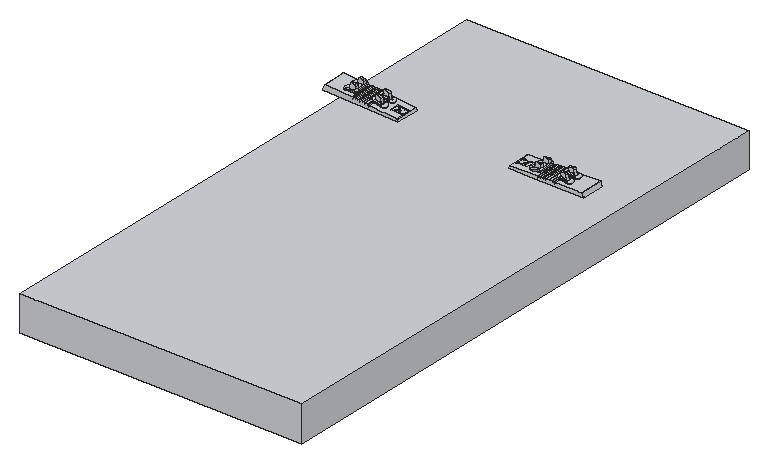
Revit family "LVT-M", category Обобщенные модели, Revit 2021
Family settings
  Основа = Грань
  Может служить основой для арматурных стержней = Нет
  Размер круглого соединителя = Использовать диаметр
  Тип детали = Нормальный
  При загрузке вырезать с полостями = Нет
  Общий = Нет
  Точка принадлежности помещению = Нет
Parameters (values of type "Полушпала LVT-M")
  Default Elevation = 1219.2 mm
Reference planes
  plane 1 "По центру (Вперед/Назад)": y = 0
  plane 2: z = 0
  plane 3 "По центру (Влево/Вправо)": x = 0
Forms (mm)
  Extrusion 1, solid
    sketch origin (0, 0, 0) x (1, 0, 0) y (0, 1, 0)
      loop
        line (-1219.2, 1219.2) -> (-1219.2, -3618.518) -> (1219.2, -3618.518) -> (1219.2, 1219.2) -> (-1219.2, 1219.2)
    from 0 to -304.8
  Sweep 2, solid
    path origin (1095.368, 0, 4.528) x (0, -1, 0) y (0.999666, 0, -0.025854)
      loop
        line (0, 0) -> (201, 0)
    profile origin (1095.368, -100.5, 4.528) x (0.999666, 0, -0.025854) y (0.025854, 0, 0.999666)
      loop
        line (-815.406, -25.294) -> (-165.406, -25.294) -> (-178.027, 21.808)
        arc (-178.027, 21.808) -> (-179.912, 24.554) -> (-183.102, 25.508) r 5
        line (-183.102, 25.508) -> (-412.493, 14.238) -> (-418.493, 5.933) -> (-419.493, 5.903) -> (-420.194, 19.928) -> (-427.964, 19.54)
        arc (-427.964, 19.54) -> (-428.538, 19.322) -> (-428.877, 18.809) r 1
        line (-428.877, 18.809) -> (-429.533, 16.457) -> (-432.529, 16.308) -> (-433.416, 18.582)
        arc (-433.416, 18.582) -> (-433.804, 19.059) -> (-434.397, 19.218) r 1
        line (-434.397, 19.218) -> (-443.884, 18.744)
        arc (-443.884, 18.744) -> (-444.488, 18.501) -> (-444.815, 17.939) r 1
        line (-444.815, 17.939) -> (-446.262, 10.615) -> (-455.25, 10.165) -> (-457.42, 17.308)
        arc (-457.42, 17.308) -> (-457.802, 17.836) -> (-458.427, 18.016) r 1
        line (-458.427, 18.016) -> (-468.634, 17.506)
        arc (-468.634, 17.506) -> (-469.325, 17.178) -> (-469.582, 16.457) r 1
        line (-469.582, 16.457) -> (-469.483, 14.46) -> (-472.479, 14.31) -> (-472.579, 16.308)
        arc (-472.579, 16.308) -> (-472.907, 16.999) -> (-473.627, 17.256) r 1
        line (-473.627, 17.256) -> (-483.834, 16.746)
        arc (-483.834, 16.746) -> (-484.438, 16.504) -> (-484.765, 15.941) r 1
        line (-484.765, 15.941) -> (-486.212, 8.617) -> (-495.2, 8.168) -> (-497.371, 15.311)
        arc (-497.371, 15.311) -> (-497.752, 15.838) -> (-498.377, 16.019) r 1
        line (-498.377, 16.019) -> (-508.584, 15.509)
        arc (-508.584, 15.509) -> (-509.275, 15.181) -> (-509.533, 14.46) r 1
        line (-509.533, 14.46) -> (-509.433, 12.462) -> (-512.429, 12.313) -> (-512.529, 14.31)
        arc (-512.529, 14.31) -> (-512.857, 15.002) -> (-513.578, 15.259) r 1
        line (-513.578, 15.259) -> (-523.784, 14.749)
        arc (-523.784, 14.749) -> (-524.388, 14.506) -> (-524.715, 13.944) r 1
        line (-524.715, 13.944) -> (-526.162, 6.62) -> (-535.151, 6.17) -> (-537.321, 13.313)
        arc (-537.321, 13.313) -> (-537.702, 13.841) -> (-538.327, 14.021) r 1
        line (-538.327, 14.021) -> (-547.814, 13.547)
        arc (-547.814, 13.547) -> (-548.389, 13.329) -> (-548.727, 12.817) r 1
        line (-548.727, 12.817) -> (-549.383, 10.465) -> (-552.379, 10.315) -> (-553.266, 12.59)
        arc (-553.266, 12.59) -> (-553.654, 13.066) -> (-554.247, 13.225) r 1
        line (-554.247, 13.225) -> (-562.017, 12.837) -> (-561.321, -1.084) -> (-562.32, -1.133) -> (-568.32, 6.582) -> (-806.407, -5.116)
        arc (-806.407, -5.116) -> (-809.302, -6.219) -> (-810.991, -8.815) r 5
        line (-810.991, -8.815) -> (-815.406, -25.294)
  Sweep 3, solid
    path origin (-1493.67, 0, 71.488) x (0, -1, 0) y (0.999666, 0, -0.025854)
      loop
        line (0, 0) -> (201, 0)
    profile origin (-1493.67, -100.5, 71.488) x (0.999666, 0, -0.025854) y (0.025854, 0, 0.999666)
      loop
        line (815.406, -25.294) -> (810.991, -8.815)
        arc (810.991, -8.815) -> (809.302, -6.219) -> (806.407, -5.116) r 5
        line (806.407, -5.116) -> (568.32, 6.582) -> (562.32, -1.133) -> (561.321, -1.084) -> (562.017, 12.837) -> (554.247, 13.225)
        arc (554.247, 13.225) -> (553.654, 13.066) -> (553.266, 12.59) r 1
        line (553.266, 12.59) -> (552.379, 10.315) -> (549.383, 10.465) -> (548.727, 12.817)
        arc (548.727, 12.817) -> (548.389, 13.329) -> (547.814, 13.547) r 1
        line (547.814, 13.547) -> (538.327, 14.021)
        arc (538.327, 14.021) -> (537.702, 13.841) -> (537.321, 13.313) r 1
        line (537.321, 13.313) -> (535.151, 6.17) -> (526.162, 6.62) -> (524.715, 13.944)
        arc (524.715, 13.944) -> (524.388, 14.506) -> (523.784, 14.749) r 1
        line (523.784, 14.749) -> (513.578, 15.259)
        arc (513.578, 15.259) -> (512.857, 15.002) -> (512.529, 14.31) r 1
        line (512.529, 14.31) -> (512.429, 12.313) -> (509.433, 12.462) -> (509.533, 14.46)
        arc (509.533, 14.46) -> (509.275, 15.181) -> (508.584, 15.509) r 1
        line (508.584, 15.509) -> (498.377, 16.019)
        arc (498.377, 16.019) -> (497.752, 15.838) -> (497.371, 15.311) r 1
        line (497.371, 15.311) -> (495.2, 8.168) -> (486.212, 8.617) -> (484.765, 15.941)
        arc (484.765, 15.941) -> (484.438, 16.504) -> (483.834, 16.746) r 1
        line (483.834, 16.746) -> (473.627, 17.256)
        arc (473.627, 17.256) -> (472.907, 16.999) -> (472.579, 16.308) r 1
        line (472.579, 16.308) -> (472.479, 14.31) -> (469.483, 14.46) -> (469.582, 16.457)
        arc (469.582, 16.457) -> (469.325, 17.178) -> (468.634, 17.506) r 1
        line (468.634, 17.506) -> (458.427, 18.016)
        arc (458.427, 18.016) -> (457.802, 17.836) -> (457.42, 17.308) r 1
        line (457.42, 17.308) -> (455.25, 10.165) -> (446.262, 10.615) -> (444.815, 17.939)
        arc (444.815, 17.939) -> (444.488, 18.501) -> (443.884, 18.744) r 1
        line (443.884, 18.744) -> (434.397, 19.218)
        arc (434.397, 19.218) -> (433.804, 19.059) -> (433.416, 18.582) r 1
        line (433.416, 18.582) -> (432.529, 16.308) -> (429.533, 16.457) -> (428.877, 18.809)
        arc (428.877, 18.809) -> (428.538, 19.322) -> (427.964, 19.54) r 1
        line (427.964, 19.54) -> (420.194, 19.928) -> (419.493, 5.903) -> (418.493, 5.933) -> (412.493, 14.238) -> (183.102, 25.508)
        arc (183.102, 25.508) -> (179.912, 24.554) -> (178.027, 21.808) r 5
        line (178.027, 21.808) -> (165.406, -25.294) -> (815.406, -25.294)
  Sweep 4, solid
    path origin (289.099, 0, 20.263) x (0, -1, 0) y (0.99973, 0, 0.023231)
      loop
        line (64.24, 231.981) -> (49.24, 231.981)
    profile origin (521.018, -56.74, 25.653) x (-0.99973, 0, -0.023231) y (-0.023231, 0, 0.99973)
      loop
        line (0, 0) -> (59, -0.051) -> (59.007, 8) -> (58.011, 7.981) -> (57.321, 11.724) -> (54.187, 28.728) -> (48.054, 62.01)
        arc (48.054, 62.01) -> (45.131, 69.083) -> (38.062, 72.018) r 10
        line (38.062, 72.018) -> (10.063, 72.042)
        arc (10.063, 72.042) -> (2.989, 69.12) -> (0.054, 62.051) r 10
        line (0.054, 62.051) -> (0.035, 40.067) -> (0.021, 23.723) -> (0, 0)
  Sweep 5, solid
    path origin (289.099, -201, 20.263) x (0, 1, 0) y (-0.99973, 0, -0.023231)
      loop
        line (64.24, -231.981) -> (49.24, -231.981)
    profile origin (521.018, -144.26, 25.653) x (0.99973, 0, 0.023231) y (-0.023231, 0, 0.99973)
      loop
        line (0, 0) -> (-0.021, 23.723) -> (-0.035, 40.067) -> (-0.054, 62.051)
        arc (-0.054, 62.051) -> (-2.989, 69.12) -> (-10.063, 72.042) r 10
        line (-10.063, 72.042) -> (-38.062, 72.018)
        arc (-38.062, 72.018) -> (-45.131, 69.083) -> (-48.054, 62.01) r 10
        line (-48.054, 62.01) -> (-54.187, 28.728) -> (-57.321, 11.724) -> (-58.011, 7.981) -> (-59.007, 8) -> (-59, -0.051) -> (0, 0)
  Sweep 6, solid
    path origin (920.886, 0, 35.146) x (0, -1, 0) y (0.99971, 0, 0.024099)
      loop
        line (64.24, -231.981) -> (49.24, -231.981)
    profile origin (688.972, -56.74, 29.555) x (-0.99971, 0, -0.024099) y (-0.024099, 0, 0.99971)
      loop
        line (0, 0) -> (-0.021, 23.723) -> (-0.035, 40.067) -> (-0.054, 62.051)
        arc (-0.054, 62.051) -> (-2.989, 69.12) -> (-10.063, 72.042) r 10
        line (-10.063, 72.042) -> (-38.062, 72.018)
        arc (-38.062, 72.018) -> (-45.131, 69.083) -> (-48.054, 62.01) r 10
        line (-48.054, 62.01) -> (-54.187, 28.728) -> (-57.321, 11.724) -> (-58.011, 7.981) -> (-59.007, 8) -> (-59, -0.051) -> (0, 0)
  Sweep 7, solid
    path origin (920.886, -201, 35.146) x (0, 1, 0) y (-0.99971, 0, -0.024099)
      loop
        line (64.24, 231.981) -> (49.24, 231.981)
    profile origin (688.972, -144.26, 29.555) x (0.99971, 0, 0.024099) y (-0.024099, 0, 0.99971)
      loop
        line (0, 0) -> (59, -0.051) -> (59.007, 8) -> (58.011, 7.981) -> (57.321, 11.724) -> (54.187, 28.728) -> (48.054, 62.01)
        arc (48.054, 62.01) -> (45.131, 69.083) -> (38.062, 72.018) r 10
        line (38.062, 72.018) -> (10.063, 72.042)
        arc (10.063, 72.042) -> (2.989, 69.12) -> (0.054, 62.051) r 10
        line (0.054, 62.051) -> (0.035, 40.067) -> (0.021, 23.723) -> (0, 0)
  Sweep 8, solid
    path origin (1083.96, 0, 153.67) x (0, -1, 0) y (0.973628, 0, 0.22814)
      loop
        arc (85.24, -603.49) -> (100.5, -588.23) -> (115.76, -603.49) r 15.26
        line (115.76, -603.49) -> (115.76, -642.562)
        arc (115.76, -642.562) -> (144.26, -671.062) -> (172.76, -642.562) r 28.5
        line (172.76, -642.562) -> (172.76, -579.258)
        arc (172.76, -579.258) -> (165.144, -560.874) -> (146.76, -553.258) r 26
        line (146.76, -553.258) -> (54.24, -553.258)
        arc (54.24, -553.258) -> (35.856, -560.874) -> (28.24, -579.258) r 26
        line (28.24, -579.258) -> (28.24, -642.562)
        arc (28.24, -642.562) -> (56.74, -671.062) -> (85.24, -642.562) r 28.5
        line (85.24, -642.562) -> (85.24, -603.49)
    profile origin (511.243, -100.5, 19.472) x (0.973628, 0, 0.22814) y (-0.22814, 0, 0.973628)
      loop
        circle (8, 35) r 8
  Sweep 9, solid
    path in 3D
      loop
        line (533.871, -67.5, 31.891) -> (533.871, -133.5, 31.891)
    profile origin (533.871, -100.5, 31.891) x (0.99971, 0, 0.024099) y (-0.024099, 0, 0.99971)
      loop
        line (9.915, 23.238) -> (-13, 17.796) -> (-13, -5.902) -> (-11.687, -5.928) -> (-5.013, -4.246) -> (-5.046, 8.089)
        arc (-5.046, 8.089) -> (-4.204, 10.554) -> (-2.024, 11.978) r 4
        line (-2.024, 11.978) -> (9.937, 14.993) -> (9.915, 23.238)
  Sweep 10, solid
    path origin (120.694, 0, 131.286) x (0, -1, 0) y (0.983175, 0, -0.182668)
      loop
        line (85.24, 603.49) -> (85.24, 642.562)
        arc (85.24, 642.562) -> (56.74, 671.062) -> (28.24, 642.562) r 28.5
        line (28.24, 642.562) -> (28.24, 579.258)
        arc (28.24, 579.258) -> (35.856, 560.874) -> (54.24, 553.258) r 26
        line (54.24, 553.258) -> (146.76, 553.258)
        arc (146.76, 553.258) -> (165.144, 560.874) -> (172.76, 579.258) r 26
        line (172.76, 579.258) -> (172.76, 642.562)
        arc (172.76, 642.562) -> (144.26, 671.062) -> (115.76, 642.562) r 28.5
        line (115.76, 642.562) -> (115.76, 603.49)
        arc (115.76, 603.49) -> (100.5, 588.23) -> (85.24, 603.49) r 15.26
    profile origin (699.027, -100.5, 23.835) x (0.983175, 0, -0.182668) y (0.182668, 0, 0.983175)
      loop
        circle (-8, 35) r 8
  Sweep 11, solid
    path in 3D
      loop
        line (675.847, -67.5, 35.19) -> (675.847, -133.5, 35.19)
    profile origin (675.847, -100.5, 35.19) x (1, 0, 0) y (0, 0, 1)
      loop
        line (-10.432, 23.011) -> (-10.27, 14.767) -> (1.755, 12.02)
        arc (1.755, 12.02) -> (3.967, 10.645) -> (4.864, 8.2) r 4
        line (4.864, 8.2) -> (5.107, -4.132) -> (11.817, -5.665) -> (13.129, -5.61) -> (12.599, 18.082) -> (-10.432, 23.011)
  Sweep 12, solid
    path origin (-687.665, 0, 45.525) x (0, -1, 0) y (0.997193, 0, -0.074878)
      loop
        line (64.24, -231.981) -> (49.24, -231.981)
    profile origin (-918.995, -56.74, 62.896) x (-0.997193, 0, 0.074878) y (0.074878, 0, 0.997193)
      loop
        line (0, 0) -> (-0.021, 23.723) -> (-0.035, 40.067) -> (-0.054, 62.051)
        arc (-0.054, 62.051) -> (-2.989, 69.12) -> (-10.063, 72.042) r 10
        line (-10.063, 72.042) -> (-38.062, 72.018)
        arc (-38.062, 72.018) -> (-45.131, 69.083) -> (-48.054, 62.01) r 10
        line (-48.054, 62.01) -> (-54.187, 28.728) -> (-57.321, 11.724) -> (-58.011, 7.981) -> (-59.007, 8) -> (-59, -0.051) -> (0, 0)
  Sweep 13, solid
    path origin (-687.665, -201, 45.525) x (0, 1, 0) y (-0.997193, 0, 0.074878)
      loop
        line (64.24, 231.981) -> (49.24, 231.981)
    profile origin (-918.995, -144.26, 62.896) x (0.997193, 0, -0.074878) y (0.074878, 0, 0.997193)
      loop
        line (0, 0) -> (59, -0.051) -> (59.007, 8) -> (58.011, 7.981) -> (57.321, 11.724) -> (54.187, 28.728) -> (48.054, 62.01)
        arc (48.054, 62.01) -> (45.131, 69.083) -> (38.062, 72.018) r 10
        line (38.062, 72.018) -> (10.063, 72.042)
        arc (10.063, 72.042) -> (2.989, 69.12) -> (0.054, 62.051) r 10
        line (0.054, 62.051) -> (0.035, 40.067) -> (0.021, 23.723) -> (0, 0)
  Sweep 14, solid
    path origin (-1317.838, 0, 93.046) x (0, -1, 0) y (0.997127, 0, -0.075743)
      loop
        line (64.24, 231.981) -> (49.24, 231.981)
    profile origin (-1086.523, -56.74, 75.475) x (-0.997127, 0, 0.075743) y (0.075743, 0, 0.997127)
      loop
        line (0, 0) -> (59, -0.051) -> (59.007, 8) -> (58.011, 7.981) -> (57.321, 11.724) -> (54.187, 28.728) -> (48.054, 62.01)
        arc (48.054, 62.01) -> (45.131, 69.083) -> (38.062, 72.018) r 10
        line (38.062, 72.018) -> (10.063, 72.042)
        arc (10.063, 72.042) -> (2.989, 69.12) -> (0.054, 62.051) r 10
        line (0.054, 62.051) -> (0.035, 40.067) -> (0.021, 23.723) -> (0, 0)
  Sweep 15, solid
    path origin (-1317.838, -201, 93.046) x (0, 1, 0) y (-0.997127, 0, 0.075743)
      loop
        line (64.24, -231.981) -> (49.24, -231.981)
    profile origin (-1086.523, -144.26, 75.475) x (0.997127, 0, -0.075743) y (0.075743, 0, 0.997127)
      loop
        line (0, 0) -> (-0.021, 23.723) -> (-0.035, 40.067) -> (-0.054, 62.051)
        arc (-0.054, 62.051) -> (-2.989, 69.12) -> (-10.063, 72.042) r 10
        line (-10.063, 72.042) -> (-38.062, 72.018)
        arc (-38.062, 72.018) -> (-45.131, 69.083) -> (-48.054, 62.01) r 10
        line (-48.054, 62.01) -> (-54.187, 28.728) -> (-57.321, 11.724) -> (-58.011, 7.981) -> (-59.007, 8) -> (-59, -0.051) -> (0, 0)
  Sweep 16, solid
    path origin (-1474.568, 0, 219.842) x (0, -1, 0) y (0.960534, 0, -0.278163)
      loop
        line (85.24, 603.49) -> (85.24, 642.562)
        arc (85.24, 642.562) -> (56.74, 671.062) -> (28.24, 642.562) r 28.5
        line (28.24, 642.562) -> (28.24, 579.258)
        arc (28.24, 579.258) -> (35.856, 560.874) -> (54.24, 553.258) r 26
        line (54.24, 553.258) -> (146.76, 553.258)
        arc (146.76, 553.258) -> (165.144, 560.874) -> (172.76, 579.258) r 26
        line (172.76, 579.258) -> (172.76, 642.562)
        arc (172.76, 642.562) -> (144.26, 671.062) -> (115.76, 642.562) r 28.5
        line (115.76, 642.562) -> (115.76, 603.49)
        arc (115.76, 603.49) -> (100.5, 588.23) -> (85.24, 603.49) r 15.26
    profile origin (-909.553, -100.5, 56.218) x (0.960534, 0, -0.278163) y (0.278163, 0, 0.960534)
      loop
        circle (-8, 35) r 8
  Sweep 17, solid
    path in 3D
      loop
        line (-931.509, -67.5, 69.79) -> (-931.509, -133.5, 69.79)
    profile origin (-931.509, -100.5, 69.79) x (1, 0, 0) y (0, 0, 1)
      loop
        line (-8.127, 23.923) -> (-8.773, 15.703) -> (2.925, 11.79)
        arc (2.925, 11.79) -> (4.992, 10.205) -> (5.644, 7.684) r 4
        line (5.644, 7.684) -> (4.677, -4.613) -> (11.205, -6.796) -> (12.516, -6.87) -> (14.311, 16.76) -> (-8.127, 23.923)
  Sweep 18, solid
    path origin (-513.746, 0, 147.695) x (0, -1, 0) y (0.991303, 0, 0.131602)
      loop
        arc (85.24, -603.49) -> (100.5, -588.23) -> (115.76, -603.49) r 15.26
        line (115.76, -603.49) -> (115.76, -642.562)
        arc (115.76, -642.562) -> (144.26, -671.062) -> (172.76, -642.562) r 28.5
        line (172.76, -642.562) -> (172.76, -579.258)
        arc (172.76, -579.258) -> (165.144, -560.874) -> (146.76, -553.258) r 26
        line (146.76, -553.258) -> (54.24, -553.258)
        arc (54.24, -553.258) -> (35.856, -560.874) -> (28.24, -579.258) r 26
        line (28.24, -579.258) -> (28.24, -642.562)
        arc (28.24, -642.562) -> (56.74, -671.062) -> (85.24, -642.562) r 28.5
        line (85.24, -642.562) -> (85.24, -603.49)
    profile origin (-1096.86, -100.5, 70.282) x (0.991303, 0, 0.131602) y (-0.131602, 0, 0.991303)
      loop
        circle (8, 35) r 8
  Sweep 19, solid
    path in 3D
      loop
        line (-1073.124, -67.5, 80.424) -> (-1073.124, -133.5, 80.424)
    profile origin (-1073.124, -100.5, 80.424) x (1, 0, 0) y (0, 0, 1)
      loop
        line (11.608, 22.441) -> (-11.647, 18.709) -> (-13.401, -4.924) -> (-12.094, -5.047) -> (-5.314, -3.863) -> (-4.433, 8.44)
        arc (-4.433, 8.44) -> (-3.412, 10.836) -> (-1.132, 12.095) r 4
        line (-1.132, 12.095) -> (11.019, 14.217) -> (11.608, 22.441)
  Extrusion 20, void
    sketch origin (289.099, 0, 20.263) x (0, -1, 0) y (0.99973, 0, 0.023231)
      loop
        line (61.237, 103.362) -> (61.237, 3.362) -> (141.237, 3.362) -> (141.237, 103.362) -> (61.237, 103.362)
    from 0 to -2
  Extrusion 21, void
    sketch origin (289.099, 0, 20.263) x (0, 1, 0) y (0.99973, 0, 0.023231)
      loop
        line (-66.729, 18.486) -> (-83.464, 90.973) -> (-101.237, 49.101) -> (-119.011, 90.973) -> (-135.746, 18.486) -> (-130.614, 18.486) -> (-117.6, 74.854) -> (-101.237, 36.305) -> (-84.874, 74.854) -> (-71.86, 18.486) -> (-66.729, 18.486)
    from 4 to -3
  Extrusion 22, void
    sketch origin (-687.665, 0, 45.525) x (0, -1, 0) y (0.997193, 0, -0.074878)
      loop
        line (61.237, -103.362) -> (141.237, -103.362) -> (141.237, -3.362) -> (61.237, -3.362) -> (61.237, -103.362)
    from 0 to -2
  Extrusion 23, void
    sketch origin (-687.665, 0, 45.525) x (0, 1, 0) y (0.997193, 0, -0.074878)
      loop
        line (-66.729, -18.486) -> (-71.86, -18.486) -> (-84.874, -74.854) -> (-101.237, -36.305) -> (-117.6, -74.854) -> (-130.614, -18.486) -> (-135.746, -18.486) -> (-119.011, -90.973) -> (-101.237, -49.101) -> (-83.464, -90.973) -> (-66.729, -18.486)
    from 4 to -3
Cuts and joins
  Extrusion 20, Extrusion 21, Extrusion 22, Extrusion 23 cuts Sweep 2
  Extrusion 22, Extrusion 23 cuts Sweep 3
Lines and regions (mm)
  symbolic lines
    curve 1: line (-642.562, -44.24, 0) -> (-579.258, -44.24, 0)
    curve 2: line (-569.258, -146.76, 0) -> (-569.258, -54.24, 0)
    curve 3: line (-642.562, -156.76, 0) -> (-579.258, -156.76, 0)
    curve 4: line (-603.49, -69.24, 0) -> (-642.562, -69.24, 0)
    curve 5: arc (-642.562, -44.24, 0) -> (-655.062, -56.74, 0) -> (-642.562, -69.24, 0) r 12.5
    curve 6: line (-603.833, -100.5, 0) -> (-648.833, -100.5, 0)
    curve 7: line (-603.49, -131.76, 0) -> (-642.562, -131.76, 0)
    curve 8: arc (-642.562, -156.76, 0) -> (-655.062, -144.26, 0) -> (-642.562, -131.76, 0) r 12.5
    curve 9: arc (-579.258, -44.24, 0) -> (-572.187, -47.169, 0) -> (-569.258, -54.24, 0) r 10
    curve 10: arc (-579.258, -156.76, 0) -> (-572.187, -153.831, 0) -> (-569.258, -146.76, 0) r 10
    curve 11: line (-603.49, -85.24, 0) -> (-642.562, -85.24, 0)
    curve 12: arc (-642.562, -28.24, 0) -> (-671.062, -56.74, 0) -> (-642.562, -85.24, 0) r 28.5
    curve 13: line (-642.562, -28.24, 0) -> (-579.258, -28.24, 0)
    curve 14: arc (-579.258, -28.24, 0) -> (-560.874, -35.856, 0) -> (-553.258, -54.24, 0) r 26
    curve 15: line (-553.258, -146.76, 0) -> (-553.258, -54.24, 0)
    curve 16: arc (-579.258, -172.76, 0) -> (-560.874, -165.144, 0) -> (-553.258, -146.76, 0) r 26
    curve 17: line (-642.562, -172.76, 0) -> (-579.258, -172.76, 0)
    curve 18: arc (-642.562, -172.76, 0) -> (-671.062, -144.26, 0) -> (-642.562, -115.76, 0) r 28.5
    curve 19: line (-603.49, -115.76, 0) -> (-642.562, -115.76, 0)
    curve 20: arc (-603.49, -85.24, 0) -> (-588.23, -100.5, 0) -> (-603.49, -115.76, 0) r 15.26
    curve 25: line (0, 929.363, -16.482) -> (0, -1328.973, 41.926)
    curve 26: line (0, -199.805, 12.722) -> (0, -183.258, 652.508)
  sketch lines
    curve 21: line (533.871, -67.5, 31.891) -> (533.871, -133.5, 31.891)
    curve 22: line (675.847, -67.5, 35.19) -> (675.847, -133.5, 35.19)
    curve 23: line (-931.509, -67.5, 69.79) -> (-931.509, -133.5, 69.79)
    curve 24: line (-1073.124, -67.5, 80.424) -> (-1073.124, -133.5, 80.424)
Dimensions and locks
  aligned and locked: plane 2 to Extrusion 1
  aligned and locked: level to Extrusion 1
